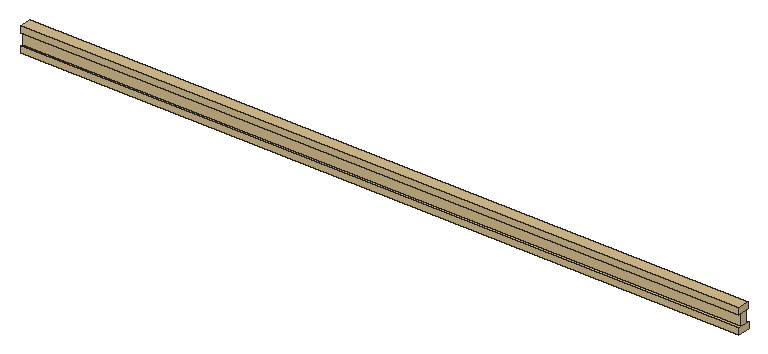
Revit family "EFHorizontal_Ijoist", category Structural Framing, Revit 2020
Family settings
  Structural Framing Length Roundoff = 0' - 0"
  Section Shape = Not Defined
  Material for Model Behavior = Wood
  Always export as geometry = No
  OmniClass Number = 23.25.30.11.14.14
  OmniClass Title = Beams
  Always vertical = Yes
  Cut with Voids When Loaded = No
  Symbolic Representation = From Project Settings
  Shared = No
  Show family pre-cut in plan views = Yes
Parameters (values of type "4X2 EFSill")
  Web_b = 0' - 0 1/2"
  Type Comments = "2x4"
  Structural Material = Dimensional Lumber
  Pipeline = "2x4"
  PL_d = 0' - 0 1/2"
  PL_b = 0' - 1"
  Description = "Dimension Lumber"
  A = 5.25 in²
  Assembly Code = "B10"
  Length [instance] = 5' - 0"
  d = 0' - 2"
Types (5): name | Web_b | PL_d | PL_b | d
  2x4 RIM Board | 0' - 0 1/4" | 0' - 0 1/2" | 0' - 1.56683" | 0' - 1 3/4"
  4X2 Rim Board | 0' - 0.56683" | 0' - 0 1/4" | 0' - 3 1/2" | 0' - 1 1/2"
  4X10 Rim Board | 0' - 0.56683" | 0' - 0 1/4" | 0' - 3 1/2" | 0' - 7"
  4X2 EF | 0' - 0.56683" | 0' - 0 1/4" | 0' - 3 1/2" | 0' - 2"
  4X2 EFSill | 0' - 0 1/2" | 0' - 0 1/2" | 0' - 1" | 0' - 2"
Reference planes (in)
  plane 1 "Center (Front/Back)": y = -1.03342
  plane 2: z = 0
  plane 3 "Center (Left/Right)": x = 0.1815
  plane 4: y = -0.53342
  plane 5: y = -1.53342
  plane 6: z = 1
  plane 7: z = -1
  plane 8 "Left": x = -29.8185
  plane 9 "Right": x = 30.1815
  plane 10: z = 0.5
  plane 11: z = -0.5
  plane 12: y = -1.28342
  plane 13: y = -0.78342
Forms (in)
  Extrusion 1, solid, material "Dimensional Lumber"
    sketch origin (0, 0, 1) x (-1, 0, 0) y (0, 1, 0)
      loop
        line (29.8185, -1.53342) -> (29.8185, -0.53342) -> (-30.1815, -0.53342) -> (-30.1815, -1.53342) -> (29.8185, -1.53342)
    from 0 to 0.5
  Extrusion 2, solid, material "Dimensional Lumber"
    sketch origin (0, 0, -0.5) x (-1, 0, 0) y (0, 1, 0)
      loop
        line (29.8185, -1.53342) -> (29.8185, -0.53342) -> (-30.1815, -0.53342) -> (-30.1815, -1.53342) -> (29.8185, -1.53342)
    from 0 to 0.5
  Extrusion 3, solid, material "Dimensional Lumber"
    sketch origin (0, 0, 0.5) x (-1, 0, 0) y (0, 1, 0)
      loop
        line (-30.1815, -1.28342) -> (29.8185, -1.28342) -> (29.8185, -0.78342) -> (-30.1815, -0.78342) -> (-30.1815, -1.28342)
    from 0 to 1
Lines and regions (in)
  symbolic lines, style "Stick Symbols", detail levels medium
    curve 1: line (-23.8185, -1.03342, 0.875) -> (24.1815, -1.03342, 0.875)
Dimensions and locks (in)
  "PL_b": plane 4 to plane 5
  "d": plane 7 to plane 6
  equal spacing: plane 7, plane 2, plane 6
  equal spacing: plane 4, plane 1 "Center (Front/Back)", plane 5
  "Length": plane 8 "Left" to plane 9 "Right"
  equal spacing: plane 13, plane 1 "Center (Front/Back)", plane 12
  "Web_b": plane 13 to plane 12
  "PL_d": plane 10 to plane 6
  "PL_d": plane 7 to plane 11
  plane 1 "Center (Front/Back)" to Extrusion 3 = 0' - 0 1/4"
  aligned and locked: plane 1 "Center (Front/Back)" to curve 1
  aligned and locked: plane 5 to Extrusion 1 sketch curve
  aligned and locked: plane 9 "Right" to Extrusion 1 sketch curve
  aligned and locked: plane 4 to Extrusion 1 sketch curve
  aligned and locked: plane 8 "Left" to Extrusion 1 sketch curve
  aligned and locked: plane 10 to Extrusion 1
  aligned and locked: plane 5 to Extrusion 2 sketch curve
  aligned and locked: plane 4 to Extrusion 2 sketch curve
  aligned and locked: plane 9 "Right" to Extrusion 2 sketch curve
  aligned and locked: plane 8 "Left" to Extrusion 2 sketch curve
  aligned and locked: plane 7 to Extrusion 2
  aligned and locked: plane 12 to Extrusion 3 sketch curve
  aligned and locked: plane 13 to Extrusion 3 sketch curve
  aligned and locked: plane 9 "Right" to Extrusion 3 sketch curve
  aligned and locked: plane 8 "Left" to Extrusion 3 sketch curve
  aligned and locked: plane 11 to Extrusion 3
Automatic sketch dimensions
  plane 9 "Right" to curve 1 = 0' - 6"
  curve 1 to plane 8 "Left" = 0' - 6"
